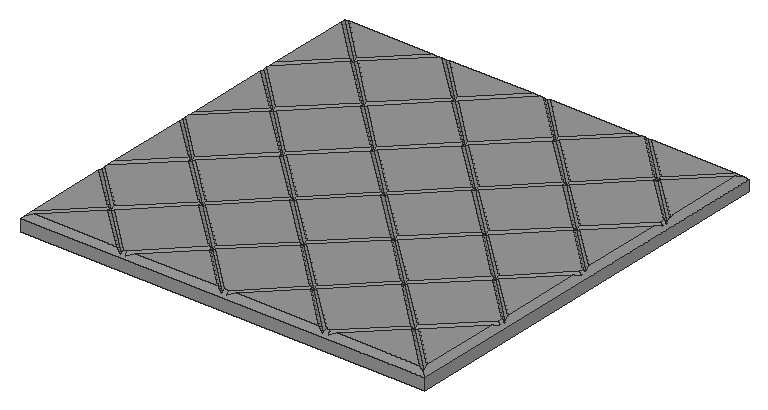
Revit family "CROSSED-2X2", category Generic Models, Revit 2026
Family settings
  Can host rebar = No
  Round Connector Dimension = Use Diameter
  Part Type = Normal
  Work Plane-Based = No
  Always vertical = Yes
  Cut with Voids When Loaded = No
  Maintain Annotation Orientation = No
  Shared = No
  Room Calculation Point = No
Parameters (values of type "STANDARD - CUSTOM PAINTED")
  URL = "https://www.acousticalsurfaces.com/envirocoustic-wood-wool/designs/"
  Thickness = 0' - 1"
  Material = "Envirocoustic Wood Wool"
  Manufacturer = "Acoustical Surfaces, Inc."
  Finish = Custom Painted
  Default Elevation = 0' - 0"
  Backer Thickness = 0' - 1"
  Backer = no
Types (9): name | Finish | Backer Thickness | Backer
  STANDARD - CUSTOM PAINTED | Custom Painted | 0' - 1" | no
  STANDARD - PRIMED WHITE | Primed White | 0' - 1" | no
  STANDARD - PRIMED CLEAR | Primed Clear | 0' - 1" | no
  2 INCH CFAB BACKER - PRIMED WHITE | Primed White | 0' - 2" | yes
  1 INCH CFAB BACKER - PRIMED WHITE | Primed White | 0' - 1" | yes
  2 INCH CFAB BACKER - PRIMED CLEAR | Primed Clear | 0' - 2" | yes
  1 INCH CFAB BACKER - PRIMED CLEAR | Primed Clear | 0' - 1" | yes
  2 INCH CFAB BACKER - CUSTOM PAINTED | Custom Painted | 0' - 2" | yes
  1 INCH CFAB BACKER - CUSTOM PAINTED | Custom Painted | 0' - 1" | yes
Reference planes (in)
  plane 1 "Center (Front/Back)": y = 0
  plane 2: z = 0
  plane 3 "Center (Left/Right)": x = 0
  plane 4: x = -12
  plane 5: x = 12
  plane 6: y = 12
  plane 7: y = -12
  plane 8: z = 1
  plane 9: z = -1
Forms (in)
  Extrusion 1, solid, material "Custom Painted" <- "Finish"
    sketch origin (0, 0, 0) x (1, 0, 0) y (0, 1, 0)
      loop
        line (12, 12) -> (-12, 12) -> (-12, -12) -> (12, -12) -> (12, 12)
    from 0 to 1
  Sweep 2, void
    path in 3D
      loop
        line (12, 12, 1) -> (-12, 12, 1) -> (-12, -12, 1) -> (12, -12, 1) -> (12, 12, 1)
    profile "Triangle : Family2" origin (12, 0, 1) x (-1, 0, 0) y (0, 0, 1)
      loop
        line (0, 0) -> (0, -0.315) -> (0.315, 0) -> (0, 0)
  Extrusion 3, solid, visible <- "Backer"
    sketch origin (0, 0, 0) x (1, 0, 0) y (0, 1, 0)
      loop
        line (12, 12) -> (-12, 12) -> (-12, -12) -> (12, -12) -> (12, 12)
    from 0 to -1
  Sweep 4, void
    path origin (0, -36, 1) x (-1, 0, 0) y (0, -1, 0)
      loop
        line (-12, -48) -> (12, -24)
    profile "Groove : Family2" origin (0, 0, 1) x (0.707107, -0.707107, 0) y (0, 0, 1)
      loop
        line (0.1575, 0) -> (-0.1575, 0) -> (0, -0.1575) -> (0.1575, 0)
  Sweep 5, void
    path origin (0, -24, 1) x (-1, 0, 0) y (0, -1, 0)
      loop
        line (-12, -30) -> (6, -12)
    profile "Groove : Family2" origin (3, -3, 1) x (0.707107, -0.707107, 0) y (0, 0, 1)
      loop
        line (0.1575, 0) -> (-0.1575, 0) -> (0, -0.1575) -> (0.1575, 0)
  Sweep 6, void
    path origin (0, -24, 1) x (-1, 0, 0) y (0, -1, 0)
      loop
        line (-12, -24) -> (0, -12)
    profile "Groove : Family2" origin (6, -6, 1) x (0.707107, -0.707107, 0) y (0, 0, 1)
      loop
        line (0.1575, 0) -> (-0.1575, 0) -> (0, -0.1575) -> (0.1575, 0)
  Sweep 7, void
    path origin (0, -24, 1) x (-1, 0, 0) y (0, -1, 0)
      loop
        line (-12, -18) -> (-6, -12)
    profile "Groove : Family2" origin (9, -9, 1) x (0.707107, -0.707107, 0) y (0, 0, 1)
      loop
        line (0.1575, 0) -> (-0.1575, 0) -> (0, -0.1575) -> (0.1575, 0)
  Sweep 8, void
    path origin (-24, 0, 1) x (0, -1, 0) y (1, 0, 0)
      loop
        line (-12, 30) -> (6, 12)
    profile "Groove : Family2" origin (-3, 3, 1) x (0.707107, -0.707107, 0) y (0, 0, 1)
      loop
        line (-0.1575, 0) -> (0, -0.1575) -> (0.1575, 0) -> (-0.1575, 0)
  Sweep 9, void
    path origin (-24, 0, 1) x (0, -1, 0) y (1, 0, 0)
      loop
        line (-12, 24) -> (0, 12)
    profile "Groove : Family2" origin (-6, 6, 1) x (0.707107, -0.707107, 0) y (0, 0, 1)
      loop
        line (-0.1575, 0) -> (0, -0.1575) -> (0.1575, 0) -> (-0.1575, 0)
  Sweep 10, void
    path origin (-24, 0, 1) x (0, -1, 0) y (1, 0, 0)
      loop
        line (-12, 18) -> (-6, 12)
    profile "Groove : Family2" origin (-9, 9, 1) x (0.707107, -0.707107, 0) y (0, 0, 1)
      loop
        line (-0.1575, 0) -> (0, -0.1575) -> (0.1575, 0) -> (-0.1575, 0)
  Sweep 11, void
    path origin (0, 0, 1) x (1, 0, 0) y (0, 1, 0)
      loop
        line (12, 6) -> (6, 12)
    profile "Groove : Family2" origin (9, 9, 1) x (-0.707107, -0.707107, 0) y (0, 0, 1)
      loop
        line (-0.1575, 0) -> (0, -0.1575) -> (0.1575, 0) -> (-0.1575, 0)
  Sweep 12, void
    path origin (0, 0, 1) x (1, 0, 0) y (0, 1, 0)
      loop
        line (12, 0) -> (0, 12)
    profile "Groove : Family2" origin (6, 6, 1) x (-0.707107, -0.707107, 0) y (0, 0, 1)
      loop
        line (-0.1575, 0) -> (0, -0.1575) -> (0.1575, 0) -> (-0.1575, 0)
  Sweep 13, void
    path origin (0, 0, 1) x (1, 0, 0) y (0, 1, 0)
      loop
        line (12, -6) -> (-6, 12)
    profile "Groove : Family2" origin (3, 3, 1) x (-0.707107, -0.707107, 0) y (0, 0, 1)
      loop
        line (-0.1575, 0) -> (0, -0.1575) -> (0.1575, 0) -> (-0.1575, 0)
  Sweep 14, void
    path origin (0, 0, 1) x (1, 0, 0) y (0, 1, 0)
      loop
        line (-12, 12) -> (12, -12)
    profile "Groove : Family2" origin (0, 0, 1) x (0.707107, 0.707107, 0) y (0, 0, 1)
      loop
        line (-0.1575, 0) -> (0, -0.1575) -> (0.1575, 0) -> (-0.1575, 0)
  Sweep 15, void
    path origin (0, 0, 1) x (1, 0, 0) y (0, 1, 0)
      loop
        line (-12, 6) -> (6.00002, -12.00002)
    profile "Groove : Family2" origin (-2.99999, -3.00001, 1) x (0.707107, 0.707107, 0) y (0, 0, 1)
      loop
        line (-0.1575, 0) -> (0, -0.1575) -> (0.1575, 0) -> (-0.1575, 0)
  Sweep 16, void
    path origin (0, 0, 1) x (1, 0, 0) y (0, 1, 0)
      loop
        line (-12, 0) -> (0, -12)
    profile "Groove : Family2" origin (-6, -6, 1) x (0.707107, 0.707107, 0) y (0, 0, 1)
      loop
        line (-0.1575, 0) -> (0, -0.1575) -> (0.1575, 0) -> (-0.1575, 0)
  Sweep 17, void
    path origin (0, 0, 1) x (1, 0, 0) y (0, 1, 0)
      loop
        line (-12, -6) -> (-6.00002, -12)
    profile "Groove : Family2" origin (-9.00001, -9, 1) x (0.707108, 0.707106, 0) y (0, 0, 1)
      loop
        line (-0.1575, 0) -> (0, -0.1575) -> (0.1575, 0) -> (-0.1575, 0)
Cuts and joins
  Sweep 2, Sweep 4, Sweep 5, Sweep 6, Sweep 7, Sweep 8, Sweep 9, Sweep 10, Sweep 11, Sweep 12, Sweep 13, Sweep 14, Sweep 15, Sweep 16, Sweep 17 cuts Extrusion 1
Lines and regions (in)
  sketch lines
    curve 1: line (12, -12, 1) -> (12, 12, 1)
    curve 2: line (-12, -12, 1) -> (12, -12, 1)
    curve 3: line (-12, 12, 1) -> (-12, -12, 1)
    curve 4: line (12, 12, 1) -> (-12, 12, 1)
Dimensions and locks (in)
  equal spacing: plane 4, plane 3 "Center (Left/Right)", plane 5
  equal spacing: plane 7, plane 1 "Center (Front/Back)", plane 6
  plane 7 to plane 6 = 2' - 0"
  locked: plane 4 to plane 5 at 24
  "Thickness": plane 8 to level
  "Backer Thickness": level to plane 9
  aligned and locked: level to plane 2
  aligned and locked: Extrusion 1 sketch curve to plane 4
  aligned and locked: plane 5 to Extrusion 1 sketch curve
  aligned and locked: Extrusion 1 sketch curve to plane 6
  aligned and locked: Extrusion 1 sketch curve to plane 7
  aligned and locked: Extrusion 1 to plane 8
  aligned and locked: Extrusion 3 sketch curve to plane 4
  aligned and locked: plane 5 to Extrusion 3 sketch curve
  aligned and locked: Extrusion 3 sketch curve to plane 6
  aligned and locked: Extrusion 3 sketch curve to plane 7
  aligned and locked: plane 9 to Extrusion 3
Automatic sketch dimensions
  plane 6 to Sweep 4 sketch curve = 0' - 0"
  Sweep 4 sketch curve to plane 7 = 0' - 0"
  plane 5 to Sweep 4 sketch curve = 0' - 0"
  plane 4 to Sweep 4 sketch curve = 0' - 0"
  plane 5 to Sweep 5 sketch curve = 0' - 0"
  plane 6 to Sweep 5 sketch curve = 0' - 6"
  plane 7 to Sweep 5 sketch curve = 0' - 0"
  Sweep 5 sketch curve to plane 3 "Center (Left/Right)" = 0' - 6"
  Sweep 6 sketch curve to plane 1 "Center (Front/Back)" = 0' - 0"
  plane 5 to Sweep 6 sketch curve = 0' - 0"
  plane 3 "Center (Left/Right)" to Sweep 6 sketch curve = 0' - 0"
  plane 7 to Sweep 6 sketch curve = 0' - 0"
  plane 5 to Sweep 7 sketch curve = 0' - 0"
  plane 1 "Center (Front/Back)" to Sweep 7 sketch curve = 0' - 6"
  plane 7 to Sweep 7 sketch curve = 0' - 0"
  Sweep 7 sketch curve to plane 5 = 0' - 6"
  plane 6 to Sweep 8 sketch curve = 0' - 0"
  plane 4 to Sweep 8 sketch curve = 0' - 0"
  plane 1 "Center (Front/Back)" to Sweep 8 sketch curve = 0' - 6"
  Sweep 8 sketch curve to plane 5 = 0' - 6"
  plane 6 to Sweep 9 sketch curve = 0' - 0"
  plane 1 "Center (Front/Back)" to Sweep 9 sketch curve = 0' - 0"
  plane 4 to Sweep 9 sketch curve = 0' - 0"
  plane 3 "Center (Left/Right)" to Sweep 9 sketch curve = 0' - 0"
  plane 6 to Sweep 10 sketch curve = 0' - 0"
  plane 4 to Sweep 10 sketch curve = 0' - 0"
  Sweep 10 sketch curve to plane 1 "Center (Front/Back)" = 0' - 6"
  Sweep 10 sketch curve to plane 3 "Center (Left/Right)" = 0' - 6"
